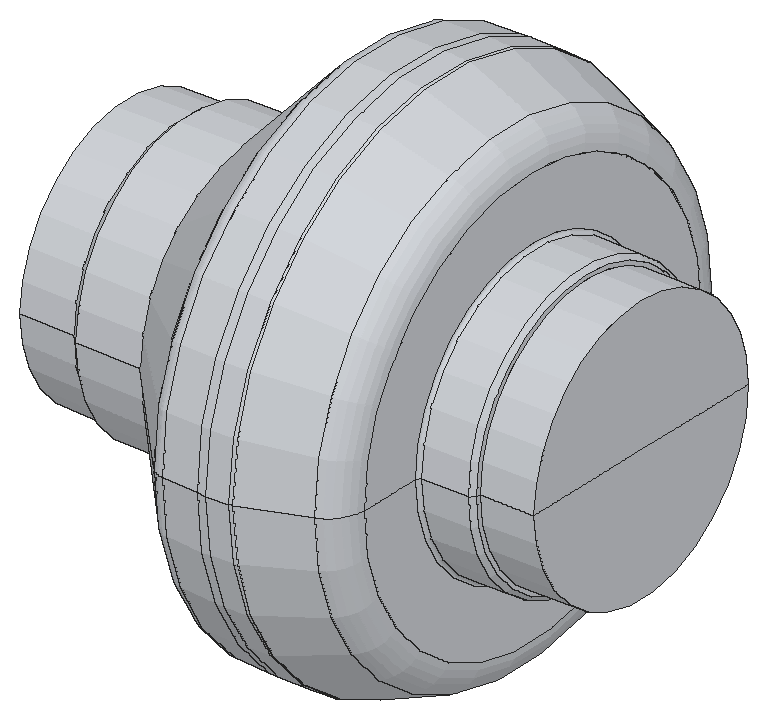
Revit family "BVN_BPX", category Mechanical Equipment, Revit 2019
Family settings
  Round Connector Dimension = Use Diameter
  Part Type = Breaks Into
  OmniClass Number = 23.75.00.00
  OmniClass Title = Climate Control (HVAC)
  Work Plane-Based = No
  Always vertical = Yes
  Cut with Voids When Loaded = No
  Shared = No
  Room Calculation Point = No
Parameters
  Weight = 2.70 kg
  Voltage = 230 V
  Speed ( d/d ) = 2600
  Sound Pressure Level dB(A) = 46
  QD = 149 mm
  Protection Class = 44
  Power = 110 W
  Model = "BPX"
  Material = none
  Manufacturer = "BVN"
  Insulation Class = "B"
  Frequency = 50 Hz
  E = 85 mm
  Description = "Duct Fan"
  Capacitor = 2.5
  C2 = 30 mm
  C1 = 30 mm
  B = 287 mm
  Air Flow = 435.0 m³/h
  Diameter = 150 mm
  Current = 0.48 A
  A = 302 mm
Reference planes
  plane 1 "Center (Front/Back)": y = 0
  plane 2: z = 0
  plane 3 "Center (Left/Right)": x = 0
Forms (mm)
  Revolve 1, solid, material <- "Material"
    sketch origin (285.3, 0, 0) x (1, 0, 0) y (0, 1, 0)
      loop
        line (-285.3, 74.25) -> (-285.3, 0) -> (0, 0) -> (0, 74.25) -> (-30, 74.6) -> (-30, 76.75) -> (-32.55, 79.3) -> (-58.336, 79.805)
        arc (-58.336, 79.805) -> (-59.727, 80.403) -> (-60.3, 81.804) r 2
        line (-60.3, 81.804) -> (-60.3, 116.804)
        arc (-60.3, 116.804) -> (-63.786, 128.086) -> (-73.029, 135.436) r 20
        line (-73.029, 135.436) -> (-107.68, 148.959)
        arc (-107.68, 148.959) -> (-108.467, 149.194) -> (-109.282, 149.297) r 5
        line (-109.282, 149.297) -> (-121.6, 149.835) -> (-126.6, 149.66) -> (-146.765, 148.877)
        arc (-146.765, 148.877) -> (-150.595, 147.959) -> (-153.78, 145.643) r 10.081
        line (-153.78, 145.643) -> (-155.288, 144) -> (-214.3, 79.85) -> (-250.3, 79.25) -> (-255.3, 74.75) -> (-285.3, 74.25)
      axis (-285.3, 0) -> (0, 0)
    angle from 0 to 360
  Extrusion 2, solid
    sketch origin (0, 0, 0) x (0, 0, 1) y (0, 1, 0)
      loop
        line (42.658, 85.428) -> (42.658, 139.255)
        arc (42.658, 139.255) -> (0.165, 145.643) -> (-42.342, 139.352) r 145.643
        line (-42.342, 139.352) -> (-42.342, 85.428) -> (42.658, 85.428)
    from -140.876 to -76.203
  Extrusion 3, solid
    sketch origin (76.203, 50.256, -167.501) x (0, 0, 1) y (0, 1, 0)
      loop
        circle (132.989, 82.362) r 5
    from 0 to 2
  Extrusion 4, solid
    sketch origin (74.203, 50.761, -174.476) x (0, 0, 1) y (0, 1, 0)
      loop
        circle (139.982, 81.877) r 2.971
    from 0 to 3
Dimensions and locks
  Extrusion 2 sketch curve to Extrusion 2 sketch curve = 85 mm
  plane 3 "Center (Left/Right)" to Revolve 1 sketch curve = 285.3 mm
  Revolve 1 sketch curve to Revolve 1 sketch curve = 149.835 mm
  aligned and locked: level to plane 2
  aligned and locked: Revolve 1 sketch curve to import instance  (x17)
  aligned and locked: Extrusion 2 sketch curve to Revolve 1
Connectors
  hvac at (0, 0, 0), driven by "Diameter", driven by "Air Flow"
    settings: on Revolve 1, index 3, duct flow 435.0 m³/h, flow factor 0, pres drop 0.0 Pa, loss coef 0, conn angle 0.00°, conn width 304.8 mm, conn height 304.8 mm, conn diameter 150 mm, duct sys type 29, conn prof type 0, flow config 0, flow direction 0, loss method 0, conn ref index -1, conn util no, is conn primary yes, conn desc ""
  hvac at (285.3, 0, 0), driven by "Diameter", driven by "Air Flow"
    settings: on Revolve 1, index 4, duct flow 435.0 m³/h, flow factor 0, pres drop 0.0 Pa, loss coef 0, conn angle 0.00°, conn width 304.8 mm, conn height 304.8 mm, conn diameter 150 mm, duct sys type 29, conn prof type 0, flow config 0, flow direction 0, loss method 0, conn ref index -1, conn util no, is conn primary no, conn desc ""
  electrical at (71.203, 132.638, -34.494)
    settings: on Extrusion 4, index 5, voltage 0 V, apparent load 0 VA, apparent load phase1 0 VA, apparent load phase2 0 VA, apparent load phase3 0 VA, power factor 1, load classification "HVAC", number of poles 1, system type 31, power factor state 1, is connector primary yes, connector utility no, sub classification motor no, connector description ""
